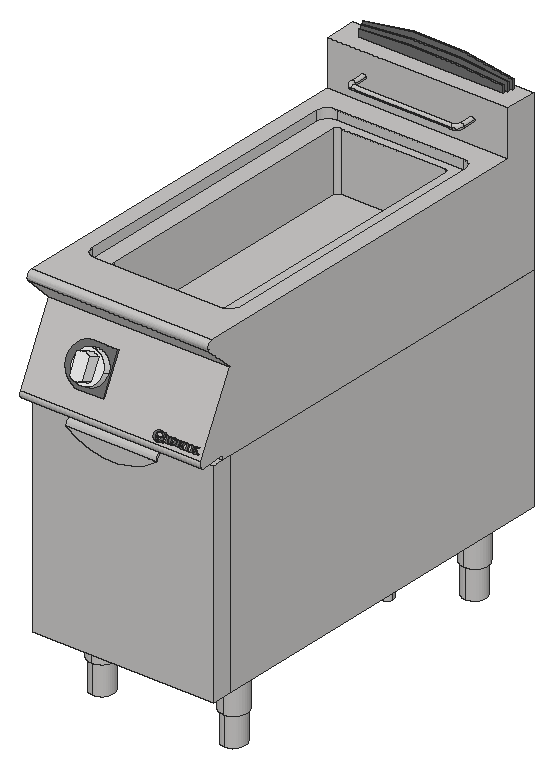
Revit family "QF_GIORIK_FG9413P", category Specialty Equipment, Revit 2014
Parameters (values of type "FG9413P")
  Weight in Pounds = 154.3234
  Watts = 100 W
  Volts = 230 V
  URL Cutsheet = "www.giorik.com"
  URL = "www.giorik.com"
  Status [instance] = ""
  Specification by User [instance] = ""
  Specification by Manufacturer = ""
  Show Logo [instance] = yes
  Show Clearance [instance] = yes
  Serial Number = ""
  Seismic Rating = ""
  SMACNA No = ""
  Revision Code [instance] = ""
  Phase = 1
  Number of Poles [instance] = 1
  NAFEM Spec ID Number = ""
  Model = "FG9413P"
  Min Ckt Ampacity = 0 A
  Mechanical Remarks [instance] = "Natural Gas"
  Mechanical Connection Type [instance] = ""
  Max Overcurrent Protection = 0 A
  Masterspec = ""
  Manufacturer = "GIORIK"
  Item Number [instance] = ""
  Installed By [instance] = ""
  Identify Quantity as Lot [instance] = no
  HP = "0.134102000000"
  Gas Size = 1"
  Gas RI Height [instance] = 0 mm
  Gas KW = 12
  Gas Input = 12000 W
  Gas Connection Height [instance] = 150 mm
  Furnished By [instance] = ""
  Foodservice Equipment Identifier [instance] = yes
  FL Amps = 0 A
  Electrical Remarks [instance] = ""
  Electric Connection Type [instance] = ""
  Elec Conn RI Height [instance] = 0 mm
  Elec Conn Connection Height [instance] = 150 mm
  Description = "13 LITRE GAS FRYER."
  Cycle = 50 Hz
  Conn Plug = ""
  Conn Conduit [instance] = no
  CSI MasterFormat = ""
  Assembly Code = "E1090320"
  Apparent Power = 100 VA
Reference planes
  plane 1 "Back": y = 0
  plane 2: z = 0
  plane 3 "Left": x = 0
  plane 4 "Right": x = 400
  plane 5 "Front": y = -920
  plane 6 "Top": z = 900
Forms (mm)
  Extrusion 1, solid, visible <- "Show Logo"
    sketch origin (196.604, -936.761, 609.486) x (-1, 0, 0) y (0, 0.452718, 0.891654)
      loop
        line (-118.824, 58.358) -> (-127.804, 58.358) -> (-125.523, 56.445) -> (-125.523, 48.027) -> (-127.804, 46.113) -> (-118.824, 46.113) -> (-121.105, 48.027) -> (-121.105, 56.445) -> (-118.824, 58.358)
      loop
        line (-163.721, 58.358) -> (-172.7, 58.358) -> (-170.42, 56.445) -> (-170.42, 48.027) -> (-172.7, 46.113) -> (-163.721, 46.113) -> (-166.001, 48.027) -> (-166.001, 56.445) -> (-163.721, 58.358)
      loop
        line (-174.332, 58.358) -> (-183.312, 58.358) -> (-181.031, 56.445) -> (-181.031, 52.435) -> (-186.419, 56.955) -> (-184.416, 58.358) -> (-191.268, 58.358) -> (-188.01, 56.839) -> (-185.455, 54.283) -> (-190.846, 47.858) -> (-193.396, 46.93) -> (-193.396, 46.113) -> (-184.416, 46.113) -> (-185.437, 47.571) -> (-182.443, 51.552) -> (-181.031, 50.894) -> (-181.031, 48.027) -> (-183.312, 46.113) -> (-174.332, 46.113) -> (-176.613, 48.027) -> (-176.613, 56.445) -> (-174.332, 58.358)
      loop
        line (-115.429, 62.063) -> (-115.429, 54.198)
        arc (-115.429, 54.198) -> (-111.618, 57.803) -> (-106.847, 59.986) r 16.039
        arc (-106.847, 59.986) -> (-103.314, 59.837) -> (-100.512, 57.68) r 5.851
        arc (-100.512, 57.68) -> (-98.815, 52.267) -> (-100.512, 46.853) r 9.479
        arc (-100.512, 46.853) -> (-102.406, 44.986) -> (-104.846, 43.93) r 7.236
        arc (-104.846, 43.93) -> (-107.728, 44.111) -> (-110.052, 45.825) r 5.11
        line (-110.052, 45.825) -> (-110.052, 52.001) -> (-116.141, 52.001) -> (-116.141, 45.503) -> (-117.893, 43.751) -> (-114.094, 44.769)
        arc (-114.094, 44.769) -> (-112.56, 44.947) -> (-111.129, 44.366) r 3.115
        arc (-111.129, 44.366) -> (-104.216, 42.091) -> (-97.303, 44.366) r 11.641
        arc (-97.303, 44.366) -> (-93.396, 52.107) -> (-97.303, 59.849) r 9.622
        arc (-97.303, 59.849) -> (-104.369, 62.174) -> (-111.435, 59.849) r 11.898
        line (-111.435, 59.849) -> (-115.429, 62.063)
      loop
        arc (-129.234, 56.068) -> (-135.893, 58.628) -> (-142.552, 56.068) r 9.941
        arc (-142.552, 56.068) -> (-144.234, 52.286) -> (-142.552, 48.505) r 5.093
        arc (-142.552, 48.505) -> (-135.893, 45.945) -> (-129.234, 48.505) r 9.941
        arc (-129.234, 48.505) -> (-127.552, 52.286) -> (-129.234, 56.068) r 5.093
      loop
        arc (-132.628, 54.403) -> (-135.893, 57.668) -> (-139.158, 54.403) r 3.265
        line (-139.158, 54.403) -> (-139.158, 50.169)
        arc (-139.158, 50.169) -> (-135.893, 46.904) -> (-132.628, 50.169) r 3.265
        line (-132.628, 50.169) -> (-132.628, 54.403)
      loop
        arc (-156.363, 58.365) -> (-159.647, 55.081) -> (-156.363, 51.796) r 3.285
        line (-156.363, 51.796) -> (-159.529, 47.306) -> (-162.087, 46.113) -> (-155.847, 46.113) -> (-153.529, 51.083) -> (-150.637, 51.083) -> (-150.637, 47.784) -> (-153.022, 46.113) -> (-144.011, 46.113) -> (-146.094, 47.68) -> (-146.094, 56.493) -> (-144.229, 58.365) -> (-156.363, 58.365)
      loop
        line (-150.637, 57.512) -> (-153.637, 57.512)
        arc (-153.637, 57.512) -> (-156.237, 54.912) -> (-153.637, 52.312) r 2.6
        line (-153.637, 52.312) -> (-150.637, 52.312) -> (-150.637, 57.512)
      loop
        line (-108.924, 52.001) -> (-104.936, 49.005) -> (-100.948, 52.001) -> (-108.924, 52.001)
    from 1.5 to -0.5
  Extrusion 2, solid
    sketch origin (-16, 1025.81, 0) x (1, 0, 0) y (0, 1, 0)
      loop
        line (25, -1086.81) -> (25, -1156.81) -> (115, -1156.81) -> (115, -1086.81) -> (25, -1086.81)
    from 148 to 150
  Extrusion 3, solid
    sketch origin (-14, 0, 130) x (1, 0, 0) y (0, 1, 0)
      loop
        circle (54, -385) r 12.5
    from 0 to 20
  Extrusion 4, solid
    sketch origin (0, 800, -20) x (0, 1, 0) y (0, 0, 1)
      loop
        line (-800, 989.988) -> (-870, 989.988) -> (-870, 889.988) -> (-1688.806, 889.988)
        arc (-1688.806, 889.988) -> (-1699.151, 883.075) -> (-1696.724, 870.873) r 11.197
        line (-1696.724, 870.873) -> (-1640.876, 815.025) -> (-1718.948, 661.258)
        arc (-1718.948, 661.258) -> (-1718.233, 650.105) -> (-1708.118, 645.354) r 10.981
        line (-1708.118, 645.354) -> (-1660, 649.925) -> (-1660, 640) -> (-800, 640) -> (-800, 989.988)
    from 0 to 400
  Extrusion 5, solid
    sketch origin (0, -200, 599.536) x (1, 0, 0) y (0, 1, 0)
      loop
        line (0, -640) -> (40, -640) -> (40, 160) -> (360, 160) -> (360, -640) -> (400, -640) -> (400, 200) -> (0, 200) -> (0, -640)
    from -449.536 to 20.464
  Extrusion 6, solid
    sketch origin (0, -200, 0) x (1, 0, 0) y (0, 1, 0)
      loop
        line (40, 160) -> (40, -640) -> (360, -640) -> (360, 160) -> (40, 160)
    from 150 to 190
  Extrusion 7, solid
    sketch origin (-16, 360.81, 0) x (1, 0, 0) y (0, 1, 0)
      loop
        line (25, -1086.81) -> (25, -1156.81) -> (115, -1156.81) -> (115, -1086.81) -> (25, -1086.81)
    from 148 to 150
  Revolve 8, solid
    sketch origin (54, 360.81, 0) x (0, 1, 0) y (0, 0, 1)
      loop
        line (-1092.56, 66) -> (-1092.56, 148) -> (-1121.81, 148) -> (-1121.81, 0) -> (-1096.81, 0) -> (-1096.81, 66) -> (-1092.56, 66)
      axis (-1121.81, 0) -> (-1121.81, 148)
    angle from 0 to 360
  Revolve 9, solid
    sketch origin (54, 1025.81, 0) x (0, 1, 0) y (0, 0, 1)
      loop
        line (-1092.56, 66) -> (-1092.56, 148) -> (-1121.81, 148) -> (-1121.81, 0) -> (-1096.81, 0) -> (-1096.81, 66) -> (-1092.56, 66)
      axis (-1121.81, 0) -> (-1121.81, 148)
    angle from 0 to 360
  Extrusion 10, solid
    sketch origin (416, 360.81, 0) x (-1, 0, 0) y (0, -1, 0)
      loop
        line (25, 1086.81) -> (115, 1086.81) -> (115, 1156.81) -> (25, 1156.81) -> (25, 1086.81)
    from 148 to 150
  Revolve 11, solid
    sketch origin (346, 360.81, 0) x (0, 1, 0) y (0, 0, -1)
      loop
        line (-1092.56, -66) -> (-1096.81, -66) -> (-1096.81, 0) -> (-1121.81, 0) -> (-1121.81, -148) -> (-1092.56, -148) -> (-1092.56, -66)
      axis (-1121.81, 0) -> (-1121.81, -148)
    angle from 0 to 360
  Extrusion 12, solid
    sketch origin (416, -1217.81, 0) x (-1, 0, 0) y (0, -1, 0)
      loop
        line (25, -1086.81) -> (25, -1156.81) -> (115, -1156.81) -> (115, -1086.81) -> (25, -1086.81)
    from 148 to 150
  Revolve 13, solid
    sketch origin (346, -1217.81, 0) x (0, -1, 0) y (0, 0, 1)
      loop
        line (-1092.56, 66) -> (-1092.56, 148) -> (-1121.81, 148) -> (-1121.81, 0) -> (-1096.81, 0) -> (-1096.81, 66) -> (-1092.56, 66)
      axis (-1121.81, 0) -> (-1121.81, 148)
    angle from 0 to 360
  Extrusion 14, solid
    sketch origin (-293.221, -1163.345, 52.363) x (1, 0, 0) y (0, 0.452718, 0.891654)
      loop
        line (463.221, 676.25) -> (463.221, 766.25) -> (409.698, 766.25)
        arc (409.698, 766.25) -> (364.698, 721.25) -> (409.698, 676.25) r 45
        line (409.698, 676.25) -> (463.221, 676.25)
    from 48 to 50
  Extrusion 15, solid
    sketch origin (481.331, -1208.697, 74.959) x (-1, 0, 0) y (0, -0.45351, -0.891251)
      loop
        circle (351.331, -721.346) r 35
    from 0 to 15
  Extrusion 16, solid
    sketch origin (481.331, -1208.697, 74.959) x (-1, 0, 0) y (0, -0.45351, -0.891251)
      loop
        arc (336.331, -743.846) -> (351.331, -748.846) -> (366.331, -743.846) r 25
        line (366.331, -743.846) -> (366.331, -698.846)
        arc (366.331, -698.846) -> (351.331, -693.846) -> (336.331, -698.846) r 25
        line (336.331, -698.846) -> (336.331, -743.846)
    from 15 to 40
  Extrusion 17, solid
    sketch origin (-94, 0, 59.999) x (1, 0, 0) y (0, 0, 1)
      loop
        line (135, 909.989) -> (453, 909.989) -> (453, 925.527) -> (347.056, 931.749) -> (240.944, 931.749) -> (135, 925.527) -> (135, 909.989)
    from 32 to 35
  Extrusion 18, solid
    sketch origin (-92, 10, 59.999) x (1, 0, 0) y (0, 0, 1)
      loop
        line (454, 909.989) -> (454, 928.527) -> (346.162, 939.193) -> (237.838, 939.193) -> (130, 928.527) -> (130, 909.989) -> (454, 909.989)
    from 32 to 35
  Extrusion 19, solid
    sketch origin (-90, 20, 59.999) x (1, 0, 0) y (0, 0, 1)
      loop
        line (455, 909.989) -> (455, 930.527) -> (345.396, 947.413) -> (234.604, 947.413) -> (125, 930.527) -> (125, 909.989) -> (455, 909.989)
    from 32 to 35
  Extrusion 20, void
    sketch origin (0, -200, 819.988) x (0, 1, 0) y (-1, 0, 0)
      loop
        arc (80, -60) -> (72.678, -42.322) -> (55, -35) r 25
        line (55, -35) -> (-565.002, -35)
        arc (-565.002, -35) -> (-582.68, -42.322) -> (-590.002, -60) r 25
        line (-590.002, -60) -> (-590.002, -340)
        arc (-590.002, -340) -> (-582.68, -357.678) -> (-565.002, -365) r 25
        line (-565.002, -365) -> (55, -365)
        arc (55, -365) -> (72.678, -357.678) -> (80, -340) r 25
        line (80, -340) -> (80, -60)
    from -100 to 50
  Extrusion 21, solid
    sketch origin (0, -200, 900) x (0, 1, 0) y (-1, 0, 0)
      loop
        arc (80, -60) -> (72.678, -42.322) -> (55, -35) r 25
        line (55, -35) -> (-565.002, -35)
        arc (-565.002, -35) -> (-582.68, -42.322) -> (-590.002, -60) r 25
        line (-590.002, -60) -> (-590.002, -340)
        arc (-590.002, -340) -> (-582.68, -357.678) -> (-565.002, -365) r 25
        line (-565.002, -365) -> (55, -365)
        arc (55, -365) -> (72.678, -357.678) -> (80, -340) r 25
        line (80, -340) -> (80, -60)
      loop
        arc (60, -85.011) -> (57.071, -77.94) -> (50, -75.011) r 10
        line (50, -75.011) -> (-555.002, -75.011)
        arc (-555.002, -75.011) -> (-562.073, -77.94) -> (-565.002, -85.011) r 10
        line (-565.002, -85.011) -> (-565.002, -315)
        arc (-565.002, -315) -> (-562.073, -322.071) -> (-555.002, -325) r 10
        line (-555.002, -325) -> (50, -325)
        arc (50, -325) -> (57.071, -322.071) -> (60, -315) r 10
        line (60, -315) -> (60, -85.011)
    from -180.012 to -50
  Extrusion 22, solid
    sketch origin (0, -925, 0) x (1, 0, 0) y (0, 0, 1)
      loop
        line (0, 620) -> (0, 150) -> (400, 150) -> (400, 620) -> (0, 620)
    from -85 to -40
  Extrusion 23, solid
    sketch origin (0, -925, -20.1) x (0, 1, 0) y (0, 0, 1)
      loop
        arc (25, 640.1) -> (14.393, 635.707) -> (10, 625.1) r 15
        line (10, 625.1) -> (12, 625.1)
        arc (12, 625.1) -> (15.808, 634.292) -> (25, 638.1) r 13
        line (25, 638.1) -> (40, 638.1) -> (40, 640.1) -> (25, 640.1)
    from 97.5 to 297.5
  Extrusion 24, solid
    sketch origin (0, -924.905, -20.1) x (1, 0, 0) y (0, 0, 1)
      loop
        arc (97.5, 625.1) -> (197.5, 590.089) -> (297.5, 625.1) r 160.316
        line (297.5, 625.1) -> (97.5, 625.1)
    from -11.905 to -9.905
  Extrusion 25, solid, visible <- "Show Clearance", detail levels coarse
    sketch origin (395, -925, 0) x (-1, 0, 0) y (0, -1, 0)
      loop
        line (-5, -40) -> (395, -40)
        arc (395, -40) -> (277.534, 241.069) -> (-5, 354.968) r 395
        line (-5, 354.968) -> (-5, -40)
    from 150 to 620
  Extrusion 26, solid
    sketch origin (0, 0, 100) x (0, 1, 0) y (-1, 0, 0)
      loop
        circle (-380, -380) r 12.5
    from 30 to 50
  Sweep 27, solid
    path origin (0, 0, 919.988) x (0, 1, 0) y (-1, 0, 0)
      loop
        line (-70, -80) -> (-100, -80)
        arc (-100, -80) -> (-107.071, -82.929) -> (-110, -90) r 10
        line (-110, -90) -> (-110, -310)
        arc (-110, -310) -> (-107.071, -317.071) -> (-100, -320) r 10
        line (-100, -320) -> (-70, -320)
    profile origin (80, -85, 919.988) x (1, 0, 0) y (0, 0, 1)
      loop
        circle (0, 0) r 5
Cuts and joins
  Extrusion 20 cuts Extrusion 4
Lines and regions (mm)
  symbolic lines, style "200-EquipBorder-2D"
    curve 1: line (0, -920, 0) -> (400, -920, 0)
    curve 2: line (400, -920, 0) -> (400, 0, 0)
    curve 3: line (400, 0, 0) -> (0, 0, 0)
    curve 4: line (0, 0, 0) -> (0, -920, 0)
  symbolic lines, style "200-EquipInternal-2D"
    curve 5: line (35, -12, 900) -> (365, -12, 900)
    curve 6: line (365, -12, 900) -> (365, -15, 900)
    curve 7: line (365, -15, 900) -> (35, -15, 900)
    curve 8: line (35, -15, 900) -> (35, -12, 900)
    curve 9: line (38, -22, 900) -> (362, -22, 900)
    curve 10: line (362, -22, 900) -> (362, -25, 900)
    curve 11: line (362, -25, 900) -> (38, -25, 900)
    curve 12: line (38, -25, 900) -> (38, -22, 900)
    curve 13: line (41, -32, 900) -> (359, -32, 900)
    curve 14: line (359, -32, 900) -> (359, -35, 900)
    curve 15: line (359, -35, 900) -> (41, -35, 900)
    curve 16: line (41, -35, 900) -> (41, -32, 900)
    curve 17: line (340, -120, 900) -> (60, -120, 900)
    curve 18: arc (60, -120, 900) -> (42.322, -127.322, 900) -> (35, -145, 900) r 25
    curve 19: line (35, -145, 900) -> (35, -765, 900)
    curve 20: arc (365, -145, 900) -> (357.678, -127.322, 900) -> (340, -120, 900) r 25
    curve 21: arc (340, -790, 900) -> (356.212, -784.031, 900) -> (364.682, -768.975, 900) r 25
    curve 22: line (60, -790, 900) -> (340, -790, 900)
    curve 23: arc (35, -765, 900) -> (42.322, -782.678, 900) -> (60, -790, 900) r 25
    curve 24: line (365, -765.002, 900) -> (365, -145, 900)
    curve 27: line (85, -140, 900) -> (315, -140, 900)
    curve 28: line (325, -150, 900) -> (325, -755.002, 900)
    curve 29: line (75, -755.002, 900) -> (75, -150, 900)
    curve 30: line (315, -765.002, 900) -> (85, -765.002, 900)
    curve 31: arc (85, -140, 900) -> (77.929, -142.929, 900) -> (75, -150, 900) r 10
    curve 32: arc (315, -140, 900) -> (322.071, -142.929, 900) -> (325, -150, 900) r 10
    curve 33: arc (75, -755.002, 900) -> (77.929, -762.073, 900) -> (85, -765.002, 900) r 10
    curve 34: arc (315, -765.002, 900) -> (322.071, -762.073, 900) -> (325, -755.002, 900) r 10
    curve 35: line (80, -70, 900) -> (80, -99.667, 900)
    curve 36: line (90, -100, 900) -> (90, -70, 900)
    curve 37: line (94.989, -104.989, 900) -> (315.27, -104.989, 900)
    curve 38: line (320.032, -100.227, 900) -> (320.032, -70, 900)
    curve 39: line (330.032, -70, 900) -> (330.032, -100.301, 900)
    curve 40: line (315.333, -115, 900) -> (95.333, -115, 900)
    curve 41: arc (95.333, -115, 900) -> (84.491, -110.509, 900) -> (80, -99.667, 900) r 15.333
    curve 42: arc (90, -100, 900) -> (91.461, -103.528, 900) -> (94.989, -104.989, 900) r 4.989
    curve 43: arc (315.333, -115, 900) -> (325.727, -110.695, 900) -> (330.032, -100.301, 900) r 14.699
    curve 44: arc (320.032, -100.227, 900) -> (318.637, -103.594, 900) -> (315.27, -104.989, 900) r 4.762
    curve 45: line (0, -70, 900) -> (400, -70, 900)
  symbolic lines, style "QF_Door-Drawer Clearances", visible <- "Show Clearance", detail levels coarse
    curve 25: arc (400, -1279.968, 0) -> (130.204, -1178.101, 0) -> (1.554, -920, 0) r 395
    curve 26: line (400, -920, 0) -> (400, -1279.968, 0)
Dimensions and locks
  plane 3 "Left" to plane 4 "Right" = 400 mm
  plane 5 "Front" to plane 1 "Back" = 920 mm
  plane 4 "Right" to plane 3 "Left" = 400 mm
  plane 1 "Back" to plane 5 "Front" = 920 mm
  plane 6 "Top" to level = 900 mm  (x2)
  aligned and locked: level to plane 2
Connectors
  electrical at (380, -380, 130), driven by "Apparent Power", driven by "Volts", driven by "Number of Poles"
    settings: on Extrusion 26, index 1, voltage 230 V, apparent load 0 VA, apparent load phase1 100 VA, apparent load phase2 0 VA, apparent load phase3 0 VA, power factor 1, load classification "Other", number of poles 1, system type 31, power factor state 1, is connector primary yes, connector utility no, sub classification motor no, connector description "Electrical connection"
  piping at (40, -385, 130), diameter 25.4, driven by "Gas Size"
    settings: on Extrusion 3, index 2, connector inside diameter 24", connector length 0 mm, flow factor 0, pipe flow 0.0 L/s, pressure drop 0.0 Pa, fitting loss kfactor 0, connector angle 0.00°, fixture units 0, engagement length 0 mm, angle of deflection 0.00°, flow configuration 1, flow direction 1, fitting loss method 0, system type 22, joint type 0, gender type 0, connector reference index -1, connector utility 0, adjustable connector no, is connector primary yes, connector description "Gas inlet"
